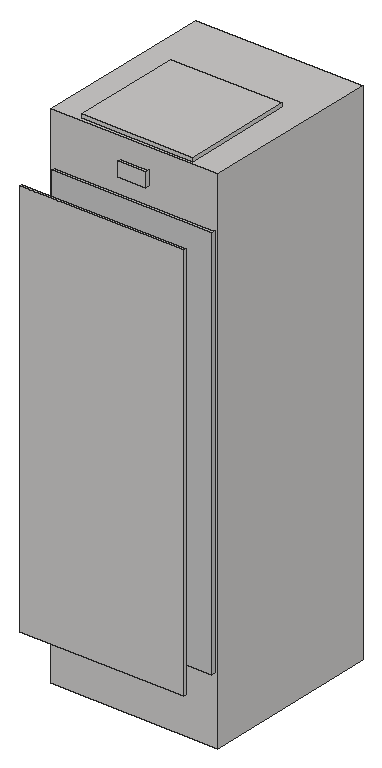
Revit family "Fan_Coil-With_Valve-Whalen-Vertical_Stacked-Classic-4P-No_Risers", category Mechanical Equipment, Revit 2012
Parameters (values of type "1,200 CFM")
  zz YesNo 9 [instance] = zz Integer 1 = 1  # yes
  zz YesNo 8 [instance] = zz Integer 3 = 1  # yes
  zz YesNo 7 [instance] = not(and(zz Integer 7 = 1200, Chassis is Removable Standard))  # yes
  zz YesNo 6 [instance] = not(and(zz YesNo 5, zz YesNo 4, zz YesNo 8, zz YesNo 1, zz YesNo 3, zz YesNo 2, zz YesNo 9))  # no
  zz YesNo 5 [instance] = not(and(Has Rear Return Air Opening, or(Chassis is Removable Standard, Chassis is Removable Low Profile)))  # yes
  zz YesNo 4 [instance] = zz Integer 2 = 1  # yes
  zz YesNo 3 [instance] = not(and(Risers are on Rear, Has Rear Return Air Opening))  # yes
  zz YesNo 2 [instance] = not(and(Has Condensate Pump, Has Rear Return Air Opening))  # yes
  zz YesNo 1 [instance] = zz Integer 5 = 1  # yes
  zz Length 8 [instance] = if(Has Condensate Pump, 6.000", if(Has Rear Return Air Opening, 14.000", if(or(zz Integer 7 = 300, zz Integer 7 = 400, zz Integer 7 = 600, zz Integer 7 = 800), 8.000", if(or(zz Integer 7 = 1000, zz Integer 7 = 1200), 10.000", 0.000"))))  # 10.000"
  zz Length 7 [instance] = if(Chassis is Fixed, if(zz Integer 7 = 1200, 56.000", if(zz Integer 7 = 1000, 48.000", if(zz Integer 7 = 800, 48.000", if(zz Integer 7 = 600, 44.000", if(zz Integer 7 = 400, 40.000", if(zz Integer 7 = 300, 36.000", 0.000")))))), if(Chassis is Removable Standard, if(zz Integer 7 = 1200, 60.000", if(zz Integer 7 = 1000, 56.000", if(zz Integer 7 = 800, 60.000", if(zz Integer 7 = 600, 56.000", if(zz Integer 7 = 400, 56.000", if(zz Integer 7 = 300, 48.000", 0.000")))))), if(zz Integer 7 = 1200, 56.000", if(zz Integer 7 = 1000, 48.000", if(zz Integer 7 = 800, 48.000", if(zz Integer 7 = 600, 44.000", if(zz Integer 7 = 400, 44.000", if(zz Integer 7 = 300, 36.000", 0.000"))))))))  # 56.000"
  zz Length 6 [instance] = if(Chassis is Fixed, if(zz Integer 7 = 1200, 59.000", if(zz Integer 7 = 1000, 51.000", if(zz Integer 7 = 800, 49.000", if(zz Integer 7 = 600, 45.000", if(zz Integer 7 = 400, 42.000", if(zz Integer 7 = 300, 38.000", 0.000")))))), if(Chassis is Removable Standard, if(zz Integer 7 = 1200, 59.000", if(zz Integer 7 = 1000, 59.000", if(zz Integer 7 = 800, 66.750", if(zz Integer 7 = 600, 62.750", if(zz Integer 7 = 400, 62.750", if(zz Integer 7 = 300, 54.750", 0.000")))))), if(zz Integer 7 = 1200, 59.000", if(zz Integer 7 = 1000, 51.000", if(zz Integer 7 = 800, 54.500", if(zz Integer 7 = 600, 50.500", if(zz Integer 7 = 400, 50.500", if(zz Integer 7 = 300, 42.500", 0.000"))))))))  # 59.000"
  zz Length 5 [instance] = if(Chassis is Fixed, if(or(zz Integer 7 = 1200, zz Integer 7 = 1000), 20.000", 14.000"), if(zz Integer 7 < 600, 14.000", if(zz Integer 7 < 1000, 16.000", 22.000")))  # 22.000"
  zz Length 4 [instance] = 101.000"
  zz Length 3 [instance] = if(Chassis is Fixed, if(zz Integer 7 = 1200, 70.000", if(zz Integer 7 = 1000, 62.000", if(zz Integer 7 = 800, 60.000", if(zz Integer 7 = 600, 56.000", if(zz Integer 7 = 400, 52.000", if(zz Integer 7 = 300, 48.000", 0.000")))))), if(Chassis is Removable Standard, if(zz Integer 7 = 1200, 70.000", if(zz Integer 7 = 1000, 70.000", if(zz Integer 7 = 800, 70.000", if(zz Integer 7 = 600, 68.000", if(zz Integer 7 = 400, 68.000", if(zz Integer 7 = 300, 60.000", 0.000")))))), if(zz Integer 7 = 1200, 70.000", if(zz Integer 7 = 1000, 62.000", if(zz Integer 7 = 800, 60.000", if(zz Integer 7 = 600, 56.000", if(zz Integer 7 = 400, 56.000", if(zz Integer 7 = 300, 48.000", 0.000"))))))))  # 70.000"
  zz Length 2 [instance] = if(zz Length 1 < 0.250", 0.250", if(zz Length 1 > 6.000", 6.000", zz Length 1))  # 4.35924"
  zz Length 1 [instance] = 4.35924"
  zz Integer 7 = 1200
  zz Integer 6 [instance] = zz Length 4 / 1.000"  # 101
  zz Integer 5 [instance] = if(Voltage is 115 V, 1, 0) + if(Voltage is 208 V, 1, 0) + if(Voltage is 265 V, 1, 0)  # 1
  zz Integer 4 [instance] = if(Risers are on Left, 1, if(Risers are on Rear, 2, if(Risers are on Right, 3, 2)))  # 2
  zz Integer 3 [instance] = if(Motor is Standard Static PSC, 1, 0) + if(Motor is High Static PSC, 1, 0) + if(Motor is Constant Torque ECM VAC Control, 1, 0) + if(Motor is Constant Torque ECM Line Voltage Control, 1, 0) + if(Motor is Constant Airflow ECM VAC Control, 1, 0)  # 1
  zz Integer 2 [instance] = if(Risers are on Left, 1, 0) + if(Risers are on Rear, 1, 0) + if(Risers are on Right, 1, 0)  # 1
  zz Integer 1 [instance] = if(Chassis is Removable Standard, 1, 0) + if(Chassis is Removable Low Profile, 1, 0) + if(Chassis is Fixed, 1, 0)  # 1
  zz HVACAirflow 4 [instance] = if(Chassis is Fixed, if(zz Integer 7 = 300, 2.000 GPM, if(zz Integer 7 = 400, 2.000 GPM, if(zz Integer 7 = 600, 2.000 GPM, if(zz Integer 7 = 800, 2.000 GPM, if(zz Integer 7 = 1000, 3.000 GPM, if(zz Integer 7 = 1200, 3.000 GPM, 0.000 GPM)))))), if(Chassis is Removable Standard, if(zz Integer 7 = 300, 2.000 GPM, if(zz Integer 7 = 400, 2.000 GPM, if(zz Integer 7 = 600, 2.000 GPM, if(zz Integer 7 = 800, 2.000 GPM, 0.000 GPM)))), 0.000 GPM))  # 0.000 GPM
  zz HVACAirflow 3 [instance] = if(and(Chassis is Fixed, Coil is 3 Row), if(zz Integer 7 = 300, 3.000 GPM, if(zz Integer 7 = 400, 3.500 GPM, if(zz Integer 7 = 600, 4.000 GPM, if(zz Integer 7 = 800, 5.000 GPM, if(zz Integer 7 = 1000, 8.000 GPM, if(zz Integer 7 = 1200, 10.000 GPM, 0.000 GPM)))))), if(and(Chassis is Fixed, Coil is 4 Row), if(zz Integer 7 = 300, 3.000 GPM, if(zz Integer 7 = 400, 4.000 GPM, if(zz Integer 7 = 600, 5.000 GPM, if(zz Integer 7 = 800, 6.000 GPM, if(zz Integer 7 = 1000, 9.000 GPM, if(zz Integer 7 = 1200, 11.000 GPM, 0.000 GPM)))))), if(and(Chassis is Removable Standard, Coil is 3 Row), if(zz Integer 7 = 300, 3.000 GPM, if(zz Integer 7 = 400, 3.500 GPM, if(zz Integer 7 = 600, 4.500 GPM, if(zz Integer 7 = 800, 5.500 GPM, 0.000 GPM)))), if(and(Chassis is Removable Standard, Coil is 4 Row), if(zz Integer 7 = 300, 3.000 GPM, if(zz Integer 7 = 400, 4.000 GPM, if(zz Integer 7 = 600, 5.000 GPM, if(zz Integer 7 = 800, 6.500 GPM, 0.000 GPM)))), 0.000 GPM))))  # 0.000 GPM
  zz HVACAirflow 2 [instance] = if(and(Chassis is Fixed, Coil is 3 Row), if(zz Integer 7 = 300, 1.000 GPM, if(zz Integer 7 = 400, 1.000 GPM, if(zz Integer 7 = 600, 1.000 GPM, if(zz Integer 7 = 800, 2.000 GPM, if(zz Integer 7 = 1000, 3.000 GPM, if(zz Integer 7 = 1200, 3.000 GPM, 0.000 GPM)))))), if(and(Chassis is Fixed, Coil is 4 Row), if(zz Integer 7 = 300, 1.000 GPM, if(zz Integer 7 = 400, 1.000 GPM, if(zz Integer 7 = 600, 1.500 GPM, if(zz Integer 7 = 800, 2.000 GPM, if(zz Integer 7 = 1000, 3.000 GPM, if(zz Integer 7 = 1200, 3.000 GPM, 0.000 GPM)))))), if(and(Chassis is Removable Standard, Coil is 3 Row), if(zz Integer 7 = 300, 1.000 GPM, if(zz Integer 7 = 400, 1.000 GPM, if(zz Integer 7 = 600, 1.000 GPM, if(zz Integer 7 = 800, 2.000 GPM, 0.000 GPM)))), if(and(Chassis is Removable Standard, Coil is 4 Row), if(zz Integer 7 = 300, 1.000 GPM, if(zz Integer 7 = 400, 1.000 GPM, if(zz Integer 7 = 600, 1.500 GPM, if(zz Integer 7 = 800, 2.000 GPM, 0.000 GPM)))), 0.000 GPM))))  # 0.000 GPM
  zz HVACAirflow 1 [instance] = if(Chassis is Fixed, if(zz Integer 7 = 300, 0.750 GPM, if(zz Integer 7 = 400, 0.750 GPM, if(zz Integer 7 = 600, 0.750 GPM, if(zz Integer 7 = 800, 0.750 GPM, if(zz Integer 7 = 1000, 1.000 GPM, if(zz Integer 7 = 1200, 1.000 GPM, 0.000 GPM)))))), if(Chassis is Removable Standard, if(zz Integer 7 = 300, 0.650 GPM, if(zz Integer 7 = 400, 0.750 GPM, if(zz Integer 7 = 600, 0.750 GPM, if(zz Integer 7 = 800, 0.750 GPM, 0.000 GPM)))), 0.000 GPM))  # 0.000 GPM
  zz ElectricalWattage 4 [instance] = if(and(zz Integer 7 = 300, Voltage is 115 V), 3000 VA, if(and(zz Integer 7 = 300, Voltage is 208 V), 3000 VA, if(and(zz Integer 7 = 300, Voltage is 265 V), 3000 VA, if(and(zz Integer 7 = 400, Voltage is 115 V), 4000 VA, if(and(zz Integer 7 = 400, Voltage is 208 V), 4000 VA, if(and(zz Integer 7 = 400, Voltage is 265 V), 4000 VA, if(and(zz Integer 7 = 600, Voltage is 115 V), 4000 VA, if(and(zz Integer 7 = 600, Voltage is 208 V), 6000 VA, if(and(zz Integer 7 = 600, Voltage is 265 V), 6000 VA, if(and(zz Integer 7 = 800, Voltage is 115 V), 4000 VA, if(and(zz Integer 7 = 800, Voltage is 208 V), 6000 VA, if(and(zz Integer 7 = 800, Voltage is 265 V), 8000 VA, if(and(zz Integer 7 = 1000, Voltage is 115 V), 4000 VA, if(and(zz Integer 7 = 1000, Voltage is 208 V), 6000 VA, if(and(zz Integer 7 = 1000, Voltage is 265 V), 9000 VA, if(and(zz Integer 7 = 1200, Voltage is 115 V), 3000 VA, if(and(zz Integer 7 = 1200, Voltage is 208 V), 6000 VA, if(and(zz Integer 7 = 1200, Voltage is 265 V), 9000 VA, 0 VA))))))))))))))))))  # 3000 W
  zz ElectricalWattage 3 [instance] = if(and(zz Integer 7 = 300, Voltage is 115 V), 3000 VA, if(and(zz Integer 7 = 300, Voltage is 208 V), 3000 VA, if(and(zz Integer 7 = 300, Voltage is 265 V), 3000 VA, if(and(zz Integer 7 = 400, Voltage is 115 V), 4000 VA, if(and(zz Integer 7 = 400, Voltage is 208 V), 4000 VA, if(and(zz Integer 7 = 400, Voltage is 265 V), 4000 VA, if(and(zz Integer 7 = 600, Voltage is 115 V), 4000 VA, if(and(zz Integer 7 = 600, Voltage is 208 V), 6000 VA, if(and(zz Integer 7 = 600, Voltage is 265 V), 6000 VA, if(and(zz Integer 7 = 800, Voltage is 115 V), 3000 VA, if(and(zz Integer 7 = 800, Voltage is 208 V), 6000 VA, if(and(zz Integer 7 = 800, Voltage is 265 V), 8000 VA, if(and(zz Integer 7 = 1000, Voltage is 115 V), 3000 VA, if(and(zz Integer 7 = 1000, Voltage is 208 V), 6000 VA, if(and(zz Integer 7 = 1000, Voltage is 265 V), 9000 VA, if(and(zz Integer 7 = 1200, Voltage is 115 V), 0 VA, if(and(zz Integer 7 = 1200, Voltage is 208 V), 6000 VA, if(and(zz Integer 7 = 1200, Voltage is 265 V), 0 VA, 0 VA))))))))))))))))))  # 0 W
  zz ElectricalWattage 2 [instance] = if(and(zz Integer 7 = 300, Voltage is 115 V), 3000 VA, if(and(zz Integer 7 = 300, Voltage is 208 V), 3000 VA, if(and(zz Integer 7 = 300, Voltage is 265 V), 3000 VA, if(and(zz Integer 7 = 400, Voltage is 115 V), 3000 VA, if(and(zz Integer 7 = 400, Voltage is 208 V), 4000 VA, if(and(zz Integer 7 = 400, Voltage is 265 V), 4000 VA, if(and(zz Integer 7 = 600, Voltage is 115 V), 3000 VA, if(and(zz Integer 7 = 600, Voltage is 208 V), 6000 VA, if(and(zz Integer 7 = 600, Voltage is 265 V), 6000 VA, if(and(zz Integer 7 = 800, Voltage is 115 V), 3000 VA, if(and(zz Integer 7 = 800, Voltage is 208 V), 6000 VA, if(and(zz Integer 7 = 800, Voltage is 265 V), 8000 VA, if(and(zz Integer 7 = 1000, Voltage is 115 V), 3000 VA, if(and(zz Integer 7 = 1000, Voltage is 208 V), 6000 VA, if(and(zz Integer 7 = 1000, Voltage is 265 V), 9000 VA, if(and(zz Integer 7 = 1200, Voltage is 115 V), 3000 VA, if(and(zz Integer 7 = 1200, Voltage is 208 V), 6000 VA, if(and(zz Integer 7 = 1200, Voltage is 265 V), 9000 VA, 0 VA))))))))))))))))))  # 3000 W
  zz ElectricalWattage 1 [instance] = if(and(zz Integer 7 = 300, Voltage is 115 V), 3000 VA, if(and(zz Integer 7 = 300, Voltage is 208 V), 3000 VA, if(and(zz Integer 7 = 300, Voltage is 265 V), 3000 VA, if(and(zz Integer 7 = 400, Voltage is 115 V), 3000 VA, if(and(zz Integer 7 = 400, Voltage is 208 V), 4000 VA, if(and(zz Integer 7 = 400, Voltage is 265 V), 4000 VA, if(and(zz Integer 7 = 600, Voltage is 115 V), 3000 VA, if(and(zz Integer 7 = 600, Voltage is 208 V), 6000 VA, if(and(zz Integer 7 = 600, Voltage is 265 V), 6000 VA, if(and(zz Integer 7 = 800, Voltage is 115 V), 3000 VA, if(and(zz Integer 7 = 800, Voltage is 208 V), 6000 VA, if(and(zz Integer 7 = 800, Voltage is 265 V), 8000 VA, if(and(zz Integer 7 = 1000, Voltage is 115 V), 3000 VA, if(and(zz Integer 7 = 1000, Voltage is 208 V), 6000 VA, if(and(zz Integer 7 = 1000, Voltage is 265 V), 9000 VA, if(and(zz Integer 7 = 1200, Voltage is 115 V), 3000 VA, if(and(zz Integer 7 = 1200, Voltage is 208 V), 6000 VA, if(and(zz Integer 7 = 1200, Voltage is 265 V), 9000 VA, 0 VA))))))))))))))))))  # 3000 W
  zz ElectricalCurrent 8 [instance] = if(and(zz Integer 7 = 300, Voltage is 115 V), 1 A, if(and(zz Integer 7 = 300, Voltage is 208 V), 0.6 A, if(and(zz Integer 7 = 300, Voltage is 265 V), 0.6 A, if(and(zz Integer 7 = 400, Voltage is 115 V), 1.2 A, if(and(zz Integer 7 = 400, Voltage is 208 V), 0.6 A, if(and(zz Integer 7 = 400, Voltage is 265 V), 0.7 A, if(and(zz Integer 7 = 600, Voltage is 115 V), 1.7 A, if(and(zz Integer 7 = 600, Voltage is 208 V), 0.9 A, if(and(zz Integer 7 = 600, Voltage is 265 V), 0.8 A, if(and(zz Integer 7 = 800, Voltage is 115 V), 2.3 A, if(and(zz Integer 7 = 800, Voltage is 208 V), 1.5 A, if(and(zz Integer 7 = 800, Voltage is 265 V), 0.9 A, if(and(zz Integer 7 = 1000, Voltage is 115 V), 3.6 A, if(and(zz Integer 7 = 1000, Voltage is 208 V), 1.5 A, if(and(zz Integer 7 = 1000, Voltage is 265 V), 1.2 A, if(and(zz Integer 7 = 1200, Voltage is 115 V), 4.9 A, if(and(zz Integer 7 = 1200, Voltage is 208 V), 2.7 A, if(and(zz Integer 7 = 1200, Voltage is 265 V), 2.1 A, 0 A))))))))))))))))))  # 4.9 A
  zz ElectricalCurrent 7 [instance] = if(and(zz Integer 7 = 300, Voltage is 115 V), 40.6 A, if(and(zz Integer 7 = 300, Voltage is 208 V), 23.8 A, if(and(zz Integer 7 = 300, Voltage is 265 V), 18.2 A, if(and(zz Integer 7 = 400, Voltage is 115 V), 40.6 A, if(and(zz Integer 7 = 400, Voltage is 208 V), 29.8 A, if(and(zz Integer 7 = 400, Voltage is 265 V), 22.9 A, if(and(zz Integer 7 = 600, Voltage is 115 V), 40.6 A, if(and(zz Integer 7 = 600, Voltage is 208 V), 41.8 A, if(and(zz Integer 7 = 600, Voltage is 265 V), 32.3 A, if(and(zz Integer 7 = 800, Voltage is 115 V), 40.6 A, if(and(zz Integer 7 = 800, Voltage is 208 V), 41.8 A, if(and(zz Integer 7 = 800, Voltage is 265 V), 41.7 A, if(and(zz Integer 7 = 1000, Voltage is 115 V), 40.6 A, if(and(zz Integer 7 = 1000, Voltage is 208 V), 41.8 A, if(and(zz Integer 7 = 1000, Voltage is 265 V), 46.5 A, if(and(zz Integer 7 = 1200, Voltage is 115 V), 40.6 A, if(and(zz Integer 7 = 1200, Voltage is 208 V), 41.8 A, if(and(zz Integer 7 = 1200, Voltage is 265 V), 46.5 A, 0 A))))))))))))))))))  # 40.6 A
  zz ElectricalCurrent 6 [instance] = if(and(zz Integer 7 = 300, Voltage is 115 V), 34.1 A, if(and(zz Integer 7 = 300, Voltage is 208 V), 18.8 A, if(and(zz Integer 7 = 300, Voltage is 265 V), 15 A, if(and(zz Integer 7 = 400, Voltage is 115 V), 45.6 A, if(and(zz Integer 7 = 400, Voltage is 208 V), 25.2 A, if(and(zz Integer 7 = 400, Voltage is 265 V), 19.9 A, if(and(zz Integer 7 = 600, Voltage is 115 V), 46.4 A, if(and(zz Integer 7 = 600, Voltage is 208 V), 37.9 A, if(and(zz Integer 7 = 600, Voltage is 265 V), 29.4 A, if(and(zz Integer 7 = 800, Voltage is 115 V), 37.1 A, if(and(zz Integer 7 = 800, Voltage is 208 V), 37.9 A, if(and(zz Integer 7 = 800, Voltage is 265 V), 39.2 A, if(and(zz Integer 7 = 1000, Voltage is 115 V), 38.7 A, if(and(zz Integer 7 = 1000, Voltage is 208 V), 39.4 A, if(and(zz Integer 7 = 1000, Voltage is 265 V), 45.1 A, if(and(zz Integer 7 = 1200, Voltage is 115 V), 0 A, if(and(zz Integer 7 = 1200, Voltage is 208 V), 39.4 A, if(and(zz Integer 7 = 1200, Voltage is 265 V), 0 A, 0 A))))))))))))))))))  # 0 A
  zz ElectricalCurrent 5 [instance] = if(and(zz Integer 7 = 300, Voltage is 115 V), 33.9 A, if(and(zz Integer 7 = 300, Voltage is 208 V), 18.8 A, if(and(zz Integer 7 = 300, Voltage is 265 V), 14.9 A, if(and(zz Integer 7 = 400, Voltage is 115 V), 45 A, if(and(zz Integer 7 = 400, Voltage is 208 V), 24.8 A, if(and(zz Integer 7 = 400, Voltage is 265 V), 19.7 A, if(and(zz Integer 7 = 600, Voltage is 115 V), 45.6 A, if(and(zz Integer 7 = 600, Voltage is 208 V), 37.2 A, if(and(zz Integer 7 = 600, Voltage is 265 V), 29.3 A, if(and(zz Integer 7 = 800, Voltage is 115 V), 46.4 A, if(and(zz Integer 7 = 800, Voltage is 208 V), 37.9 A, if(and(zz Integer 7 = 800, Voltage is 265 V), 38.9 A, if(and(zz Integer 7 = 1000, Voltage is 115 V), 48 A, if(and(zz Integer 7 = 1000, Voltage is 208 V), 37.9 A, if(and(zz Integer 7 = 1000, Voltage is 265 V), 44 A, if(and(zz Integer 7 = 1200, Voltage is 115 V), 38.7 A, if(and(zz Integer 7 = 1200, Voltage is 208 V), 39.4 A, if(and(zz Integer 7 = 1200, Voltage is 265 V), 45.1 A, 0 A))))))))))))))))))  # 38.7 A
  zz ElectricalCurrent 4 [instance] = if(and(zz Integer 7 = 300, Voltage is 115 V), 6.4 A, if(and(zz Integer 7 = 300, Voltage is 208 V), 4.6 A, if(and(zz Integer 7 = 300, Voltage is 265 V), 3.2 A, if(and(zz Integer 7 = 400, Voltage is 115 V), 6.4 A, if(and(zz Integer 7 = 400, Voltage is 208 V), 4.6 A, if(and(zz Integer 7 = 400, Voltage is 265 V), 3.2 A, if(and(zz Integer 7 = 600, Voltage is 115 V), 6.4 A, if(and(zz Integer 7 = 600, Voltage is 208 V), 4.6 A, if(and(zz Integer 7 = 600, Voltage is 265 V), 3.2 A, if(and(zz Integer 7 = 800, Voltage is 115 V), 6.4 A, if(and(zz Integer 7 = 800, Voltage is 208 V), 4.6 A, if(and(zz Integer 7 = 800, Voltage is 265 V), 3.2 A, if(and(zz Integer 7 = 1000, Voltage is 115 V), 6.4 A, if(and(zz Integer 7 = 1000, Voltage is 208 V), 4.6 A, if(and(zz Integer 7 = 1000, Voltage is 265 V), 3.2 A, if(and(zz Integer 7 = 1200, Voltage is 115 V), 6.4 A, if(and(zz Integer 7 = 1200, Voltage is 208 V), 4.6 A, if(and(zz Integer 7 = 1200, Voltage is 265 V), 3.2 A, 0 A))))))))))))))))))  # 6.4 A
  zz ElectricalCurrent 3 [instance] = if(and(zz Integer 7 = 300, Voltage is 115 V), 1.2 A, if(and(zz Integer 7 = 300, Voltage is 208 V), 0.6 A, if(and(zz Integer 7 = 300, Voltage is 265 V), 0.7 A, if(and(zz Integer 7 = 400, Voltage is 115 V), 1.7 A, if(and(zz Integer 7 = 400, Voltage is 208 V), 0.9 A, if(and(zz Integer 7 = 400, Voltage is 265 V), 0.8 A, if(and(zz Integer 7 = 600, Voltage is 115 V), 2.3 A, if(and(zz Integer 7 = 600, Voltage is 208 V), 1.5 A, if(and(zz Integer 7 = 600, Voltage is 265 V), 0.9 A, if(and(zz Integer 7 = 800, Voltage is 115 V), 3.6 A, if(and(zz Integer 7 = 800, Voltage is 208 V), 1.5 A, if(and(zz Integer 7 = 800, Voltage is 265 V), 1.2 A, if(and(zz Integer 7 = 1000, Voltage is 115 V), 4.9 A, if(and(zz Integer 7 = 1000, Voltage is 208 V), 2.7 A, if(and(zz Integer 7 = 1000, Voltage is 265 V), 2.1 A, if(and(zz Integer 7 = 1200, Voltage is 115 V), 0 A, if(and(zz Integer 7 = 1200, Voltage is 208 V), 2.7 A, if(and(zz Integer 7 = 1200, Voltage is 265 V), 0 A, 0 A))))))))))))))))))  # 0 A
  zz ElectricalCurrent 2 [instance] = if(and(zz Integer 7 = 300, Voltage is 115 V), 37.9 A, if(and(zz Integer 7 = 300, Voltage is 208 V), 21.4 A, if(and(zz Integer 7 = 300, Voltage is 265 V), 18.2 A, if(and(zz Integer 7 = 400, Voltage is 115 V), 37.9 A, if(and(zz Integer 7 = 400, Voltage is 208 V), 27.4 A, if(and(zz Integer 7 = 400, Voltage is 265 V), 22.9 A, if(and(zz Integer 7 = 600, Voltage is 115 V), 37.9 A, if(and(zz Integer 7 = 600, Voltage is 208 V), 39.4 A, if(and(zz Integer 7 = 600, Voltage is 265 V), 32.3 A, if(and(zz Integer 7 = 800, Voltage is 115 V), 40.4 A, if(and(zz Integer 7 = 800, Voltage is 208 V), 40.9 A, if(and(zz Integer 7 = 800, Voltage is 265 V), 41.7 A, if(and(zz Integer 7 = 1000, Voltage is 115 V), 40.4 A, if(and(zz Integer 7 = 1000, Voltage is 208 V), 40.9 A, if(and(zz Integer 7 = 1000, Voltage is 265 V), 46.5 A, if(and(zz Integer 7 = 1200, Voltage is 115 V), 40.4 A, if(and(zz Integer 7 = 1200, Voltage is 208 V), 40.9 A, if(and(zz Integer 7 = 1200, Voltage is 265 V), 46.5 A, 0 A))))))))))))))))))  # 40.4 A
  zz ElectricalCurrent 1 [instance] = if(and(zz Integer 7 = 300, Voltage is 115 V), 4.2 A, if(and(zz Integer 7 = 300, Voltage is 208 V), 2.7 A, if(and(zz Integer 7 = 300, Voltage is 265 V), 3.2 A, if(and(zz Integer 7 = 400, Voltage is 115 V), 4.2 A, if(and(zz Integer 7 = 400, Voltage is 208 V), 2.7 A, if(and(zz Integer 7 = 400, Voltage is 265 V), 3.2 A, if(and(zz Integer 7 = 600, Voltage is 115 V), 4.2 A, if(and(zz Integer 7 = 600, Voltage is 208 V), 2.7 A, if(and(zz Integer 7 = 600, Voltage is 265 V), 3.2 A, if(and(zz Integer 7 = 800, Voltage is 115 V), 6.2 A, if(and(zz Integer 7 = 800, Voltage is 208 V), 3.9 A, if(and(zz Integer 7 = 800, Voltage is 265 V), 3.2 A, if(and(zz Integer 7 = 1000, Voltage is 115 V), 6.2 A, if(and(zz Integer 7 = 1000, Voltage is 208 V), 3.9 A, if(and(zz Integer 7 = 1000, Voltage is 265 V), 3.2 A, if(and(zz Integer 7 = 1200, Voltage is 115 V), 6.2 A, if(and(zz Integer 7 = 1200, Voltage is 208 V), 3.9 A, if(and(zz Integer 7 = 1200, Voltage is 265 V), 3.2 A, 0 A))))))))))))))))))  # 6.2 A
  Width [instance] = if(or(zz Integer 7 = 1200, zz Integer 7 = 1000), 24.000", if(or(zz Integer 7 = 800, zz Integer 7 = 600), 18.000", 16.000"))  # 24.000"
  Voltage is 265 V [instance] = no
  Voltage is 208 V [instance] = no
  Voltage is 115 V [instance] = yes
  Voltage Selection [instance] = "Voltage is 115 V"
  Voltage [instance] = if(and(Voltage is 115 V, zz Integer 5 = 1), 115 V, if(and(Voltage is 208 V, zz Integer 5 = 1), 208 V, if(and(Voltage is 265 V, zz Integer 5 = 1), 265 V, 0 V)))  # 115 V
  Unit is Master [instance] = no
  Risers are on Right [instance] = no
  Risers are on Rear [instance] = yes
  Risers are on Left [instance] = no
  Risers are Insulated [instance] = no
  Riser Location [instance] = if(zz Integer 2 < 1, "Error: Select a Riser Location Option", if(zz Integer 2 > 1, "Error: Select Only 1 Riser Location Option", if(Risers are on Right, "Risers are on Right", if(Risers are on Rear, "Risers are on Rear", if(Risers are on Left, "Risers are on Left", "none")))))  # "Risers are on Rear"
  Part Number [instance] = if(Chassis is Fixed, if(Coil is 3 Row, if(zz Integer 7 = 300, "WFC-300", if(zz Integer 7 = 400, "WFC-400", if(zz Integer 7 = 600, "WFC-600", if(zz Integer 7 = 800, "WFC-800", if(zz Integer 7 = 1000, "WFC-1000", if(zz Integer 7 = 1200, "WFC-1200", "Not Available")))))), if(Coil is 4 Row, if(zz Integer 7 = 300, "WFD-300", if(zz Integer 7 = 400, "WFD-400", if(zz Integer 7 = 600, "WFD-600", if(zz Integer 7 = 800, "WFD-800", if(zz Integer 7 = 1000, "WFD-1000", if(zz Integer 7 = 1200, "WFD-1200", "Not Available")))))), "Not Available")), if(or(Chassis is Removable Standard, Chassis is Removable Low Profile), if(Coil is 3 Row, if(zz Integer 7 = 300, "WRC-300", if(zz Integer 7 = 400, "WRC-400", if(zz Integer 7 = 600, "WRC-600", if(zz Integer 7 = 800, "WRC-800", if(zz Integer 7 = 1000, "WRC-1000", if(zz Integer 7 = 1200, "WRC-1200", "Not Available")))))), if(Coil is 4 Row, if(zz Integer 7 = 300, "WRD-300", if(zz Integer 7 = 400, "WRD-400", if(zz Integer 7 = 600, "WRD-600", if(zz Integer 7 = 800, "WRD-800", if(zz Integer 7 = 1000, "WRD-1000", if(zz Integer 7 = 1200, "WRD-1200", "Not Available")))))), "Not Available")), "Not Available"))  # "WRC-1200"
  Motor is Standard Static PSC [instance] = yes
  Product Documentation Link = "http://www.whalencompany.com/vertical_stack_fan_coil_equipment.html"
  Part Description [instance] = if(Chassis is Fixed, if(zz Integer 7 = 300, "Vertical Fan-Coil Units, 4 Pipe with Fixed Chassis, 300 CFM", if(zz Integer 7 = 400, "Vertical Fan-Coil Units, 4 Pipe with Fixed Chassis, 400 CFM", if(zz Integer 7 = 600, "Vertical Fan-Coil Units, 4 Pipe with Fixed Chassis, 600 CFM", if(zz Integer 7 = 800, "Vertical Fan-Coil Units, 4 Pipe with Fixed Chassis, 800 CFM", if(zz Integer 7 = 1000, "Vertical Fan-Coil Units, 4 Pipe with Fixed Chassis, 1000 CFM", if(zz Integer 7 = 1200, "Vertical Fan-Coil Units, 4 Pipe with Fixed Chassis, 1200 CFM", "Not Available")))))), if(or(Chassis is Removable Standard, Chassis is Removable Low Profile), if(zz Integer 7 = 300, "Vertical Fan-Coil Units, 4 Pipe with Removable Chassis, 300 CFM", if(zz Integer 7 = 400, "Vertical Fan-Coil Units, 4 Pipe with Removable Chassis, 400 CFM", if(zz Integer 7 = 600, "Vertical Fan-Coil Units, 4 Pipe with Removable Chassis, 600 CFM", if(zz Integer 7 = 800, "Vertical Fan-Coil Units, 4 Pipe with Removable Chassis, 800 CFM", if(zz Integer 7 = 1000, "Vertical Fan-Coil Units, 4 Pipe with Removable Chassis, 1000 CFM", if(zz Integer 7 = 1200, "Vertical Fan-Coil Units, 4 Pipe with Removable Chassis, 1200 CFM", "Not Available")))))), "Not Available"))  # "Vertical Fan-Coil Units, 4 Pipe with Removable Chassis, 1200 CFM"
  Original Creation Date = "5/17/2013"  # constant formula
  Motor Selection [instance] = if(zz Integer 3 < 1, "ERROR: Select a Motor Option", if(zz Integer 3 > 1, "ERROR: Select Only 1 Motor Option", if(Motor is Standard Static PSC, "Motor is Standard Static PSC", if(Motor is High Static PSC, "Motor is High Static PSC", if(Motor is Constant Torque ECM VAC Control, "Motor is Constant Torque ECM VAC Control", if(Motor is Constant Torque ECM Line Voltage Control, "Motor is Constant Torque ECM Line Voltage Control", if(Motor is Constant Airflow ECM VAC Control, "Motor is Constant Airflow ECM VAC Control", "none")))))))  # "Motor is Standard Static PSC"
  Model Disclaimer = "Contact The Whalen Company for More Information"  # constant formula
  Motor is High Static PSC [instance] = no
  Model = "See Part Number"  # constant formula
  Maximum Heater Size [instance] = if(Motor is Constant Torque ECM VAC Control, zz ElectricalWattage 2, if(Motor is Constant Airflow ECM VAC Control, zz ElectricalWattage 1, if(Motor is High Static PSC, zz ElectricalWattage 3, if(Motor is Standard Static PSC, zz ElectricalWattage 4, 0 VA))))  # 3000 W
  MCA [instance] = if(Motor is Constant Torque ECM VAC Control, zz ElectricalCurrent 7, if(Motor is Constant Airflow ECM VAC Control, zz ElectricalCurrent 2, if(Motor is High Static PSC, zz ElectricalCurrent 6, if(Motor is Standard Static PSC, zz ElectricalCurrent 5, 0 A))))  # 38.7 A
  Load Classification = Other
  Height [instance] = if(and(or(zz Integer 7 = 300, zz Integer 7 = 400, zz Integer 7 = 600, zz Integer 7 = 800), zz Length 4 < 82.000"), 82.000", if(and(or(zz Integer 7 = 300, zz Integer 7 = 400, zz Integer 7 = 600, zz Integer 7 = 800), zz Length 4 > 88.000"), 88.000", if(and(or(zz Integer 7 = 1200, zz Integer 7 = 1000), zz Length 4 < 68.000"), 68.000", if(and(or(zz Integer 7 = 1200, zz Integer 7 = 1000), zz Length 4 > 74.000"), 74.000", zz Integer 6 * 1.000"))))  # 74.000"
  Heating Pressure Drop [instance] = if(Chassis is Fixed, if(zz Integer 7 = 300, 3.70 in-wg, if(zz Integer 7 = 400, 7.10 in-wg, if(zz Integer 7 = 600, 10.10 in-wg, if(zz Integer 7 = 800, 17.00 in-wg, if(zz Integer 7 = 1000, 11.80 in-wg, if(zz Integer 7 = 1200, 15.00 in-wg, 0.00 in-wg)))))), if(Chassis is Removable Standard, if(zz Integer 7 = 300, 13.00 in-wg, if(zz Integer 7 = 400, 25.40 in-wg, if(zz Integer 7 = 600, 6.20 in-wg, if(zz Integer 7 = 800, 16.20 in-wg, 0.00 in-wg)))), 0.00 in-wg))  # 0.00 psi
  Heating GPM Desired [instance] = 0.000 GPM
  Heating GPM Actual [instance] = if(Heating GPM Desired < zz HVACAirflow 1, zz HVACAirflow 1, if(Heating GPM Desired > zz HVACAirflow 4, zz HVACAirflow 4, Heating GPM Desired))  # 0.000 GPM
  Has Condensate Pump [instance] = no
  Has Rear Return Air Opening [instance] = no
  Family Version = "1.0.0"  # constant formula
  FLA [instance] = if(Motor is Constant Torque ECM VAC Control, zz ElectricalCurrent 4, if(Motor is Constant Airflow ECM VAC Control, zz ElectricalCurrent 1, if(Motor is High Static PSC, zz ElectricalCurrent 3, if(Motor is Standard Static PSC, zz ElectricalCurrent 8, 0 A))))  # 4.9 A
  Equipment Number [instance] = ""
  Equipment Abbreviation = "RFC"
  Description = "See Part Description"  # constant formula
  Depth [instance] = if(Chassis is Fixed, if(or(zz Integer 7 = 1200, zz Integer 7 = 1000), 24.000", 18.000"), if(zz Integer 7 < 600, 18.000", if(zz Integer 7 < 1000, 20.000", 26.000")))  # 26.000"
  Date Last Modified = "2/12/2014"  # constant formula
  Copyright = "Copyright © The Whalen Company"  # constant formula
  Motor is Constant Torque ECM VAC Control [instance] = no
  Motor is Constant Torque ECM Line Voltage Control [instance] = no
  Motor is Constant Airflow ECM VAC Control [instance] = no
  Cooling Pressure Drop [instance] = if(and(Chassis is Fixed, Coil is 3 Row), if(zz Integer 7 = 300, 6.60 in-wg, if(zz Integer 7 = 400, 12.60 in-wg, if(zz Integer 7 = 600, 23.30 in-wg, if(zz Integer 7 = 800, 22.50 in-wg, if(zz Integer 7 = 1000, 15.70 in-wg, if(zz Integer 7 = 1200, 17.50 in-wg, 0.00 in-wg)))))), if(and(Chassis is Fixed, Coil is 4 Row), if(zz Integer 7 = 300, 17.00 in-wg, if(zz Integer 7 = 400, 13.20 in-wg, if(zz Integer 7 = 600, 19.60 in-wg, if(zz Integer 7 = 800, 30.00 in-wg, if(zz Integer 7 = 1000, 17.20 in-wg, if(zz Integer 7 = 1200, 21.70 in-wg, 0.00 in-wg)))))), if(and(Chassis is Removable Standard, Coil is 3 Row), if(zz Integer 7 = 300, 17.10 in-wg, if(zz Integer 7 = 400, 23.10 in-wg, if(zz Integer 7 = 600, 14.90 in-wg, if(zz Integer 7 = 800, 20.50 in-wg, 0.00 in-wg)))), if(and(Chassis is Removable Standard, Coil is 4 Row), if(zz Integer 7 = 300, 20.40 in-wg, if(zz Integer 7 = 400, 20.90 in-wg, if(zz Integer 7 = 600, 15.60 in-wg, if(zz Integer 7 = 800, 27.90 in-wg, 0.00 in-wg)))), 0.00 in-wg))))  # 0.00 psi
  Cooling GPM Actual [instance] = if(Cooling GPM Desired < zz HVACAirflow 2, zz HVACAirflow 2, if(Cooling GPM Desired > zz HVACAirflow 3, zz HVACAirflow 3, Cooling GPM Desired))  # 0.000 GPM
  Configuration Error [instance] = if(zz YesNo 6, if(not(zz YesNo 4), Riser Location, if(not(zz YesNo 8), Motor Selection, if(not(zz YesNo 1), Voltage Selection, if(not(zz YesNo 9), Chassis Selection, if(not(zz YesNo 3), "ERROR: Risers and Rear Return Air Opening Cannot Occupy the Same Side", if(not(zz YesNo 2), "ERROR: Cannot use Rear Return Air Opening and Condensate Pump in the same cabinet", if(not(zz YesNo 5), "ERROR: Rear Return Air Not Available for Removable Chassis", "none"))))))), "No Error, consider Air Supply Selection if error box remains")  # "No Error, consider Air Supply Selection if error box remains"
  URL = "http://www.whalencompany.com/"
  Show Error Box [instance] = yes
  Provide Feedback = "https://www.surveymonkey.com/s/T979TKY"
  Product Material = Steel - Whalen - Galvanized
  Manufacturer = "The Whalen Company"  # constant formula
  Cooling GPM Desired [instance] = 0.000 GPM
  Coil is 4 Row [instance] = no
  Coil is 3 Row [instance] = not(Coil is 4 Row)  # yes
  Chassis is Removable Standard [instance] = no
  Chassis is Removable Low Profile [instance] = yes
  Chassis is Fixed [instance] = no
  Chassis Selection [instance] = if(zz Integer 1 > 1, "ERROR: Select Only One Chassis Option", if(zz Integer 1 < 1, "ERROR: Select a Chassis Option", if(Chassis is Removable Standard, "Removable", if(Chassis is Removable Low Profile, "Removable, Low Profile", if(Chassis is Fixed, "Fixed", "none")))))  # "Removable, Low Profile"
  Assembly Code = ""
  Apparent Load [instance] = 4450.5 VA
  Air Supply Selection [instance] = Air Supply : 1 Grille - T
  Actual Condensate Drain Flow [instance] = 0.000 GPM
Reference planes (in)
  plane 1 "Center (Front/Back)": y = 0
  plane 2 "Level": z = 0
  plane 3 "Center (Left/Right)": x = 0
  plane 4 "Left": x = -12
  plane 5 "Right": x = 12
  plane 6 "Front": y = -13
  plane 7 "Back": y = 13
  plane 8 "Top": z = 74
  plane 9 "Return Grille Bottom": z = 10
  plane 10 "Return Grille Top": z = 66
  plane 11 "Return Grille Left": x = -11
  plane 12 "Return Grille Right": x = 11
  plane 13 "Thermostat Center Height": z = 70
  plane 14: x = 11.5
  plane 15: x = -11.5
  plane 16: z = 9.5
  plane 17: z = 66.5
  plane 18: y = -13.5
  plane 19: y = 13.5
  plane 20: y = -17.85924
  plane 21: y = -18.85924
  plane 22: y = -18.48424
  plane 23: z = 9.25
  plane 24: z = 66.75
  plane 25: x = 11.75
  plane 26: x = -11.75
  plane 27: z = 38
Forms (in)
  Extrusion 1, solid, material "Steel - Whalen - Galvanized" <- "Product Material"
    sketch origin (-60, -180, 0) x (-1, 0, 0) y (0, -1, 0)
      loop
        line (-48, -193) -> (-48, -167) -> (-72, -167) -> (-72, -193) -> (-48, -193)
    from 0 to 74
  Extrusion 2, solid, material "Steel - Whalen - Galvanized" <- "Product Material", visible <- "zz YesNo 7", detail levels medium+fine
    sketch origin (0, 0, 0) x (1, 0, 0) y (0, 0, 1)
      loop
        line (-2, 71) -> (-2, 69) -> (2, 69) -> (2, 71) -> (-2, 71)
    from 13 to 13.5
  Extrusion 3, solid, material "Anodized Aluminum - Whalen - Clear", detail levels medium+fine
    sketch origin (0, 0, 0) x (1, 0, 0) y (0, 0, 1)
      loop
        line (-11.5, 66.5) -> (-11.5, 9.5) -> (11.5, 9.5) -> (11.5, 66.5) -> (-11.5, 66.5)
    from 13 to 13.5
  Extrusion 4, solid, material "Anodized Aluminum - Whalen - Grill", visible <- "Has Rear Return Air Opening"
    sketch origin (0, 0, 0) x (1, 0, 0) y (0, 0, 1)
      loop
        line (-7, 10) -> (-7, 2) -> (7, 2) -> (7, 10) -> (-7, 10)
    from -13.5 to -13
  Extrusion 5, solid, material "Anodized Aluminum - Whalen - Clear", visible <- "Has Rear Return Air Opening"
    sketch origin (0, 0, 0) x (1, 0, 0) y (0, 0, 1)
      loop
        line (-7.5, 10.5) -> (-7.5, 1.5) -> (7.5, 1.5) -> (7.5, 10.5) -> (-7.5, 10.5)
      loop
        line (-7, 2) -> (7, 2) -> (7, 10) -> (-7, 10) -> (-7, 2)
    from -13.5 to -13
  Extrusion 6, solid, material "Steel - Whalen - Galvanized" <- "Product Material", detail levels medium+fine
    sketch origin (0, 0, 0) x (1, 0, 0) y (0, 0, 1)
      loop
        line (-11.75, 66.75) -> (-11.75, 9.25) -> (11.75, 9.25) -> (11.75, 66.75) -> (-11.75, 66.75)
    from 18.48424 to 18.85924
  Extrusion 7, solid, material "Steel - Whalen - Galvanized" <- "Product Material", detail levels medium+fine
    sketch origin (0, 0, 0) x (1, 0, 0) y (0, 0, 1)
      loop
        line (-11, 66) -> (-11, 10) -> (11, 10) -> (11, 66) -> (-11, 66)
    from 17.85924 to 18.48424
Lines and regions (in)
  Masking region 1
    outline origin (-60, -180, 74) x (-1, 0, 0) y (0, -1, 0)
      loop
        line (-48, -193) -> (-48, -167) -> (-72, -167) -> (-72, -193) -> (-48, -193)
  reference lines
    curve 1: line (-13.75, 0, 101) -> (13.5, 0, 101)
    curve 2: line (-12, -17.85924, 38) -> (12, -17.85924, 38)
Dimensions and locks (in)
  equal spacing: plane 6 "Front", plane 1 "Center (Front/Back)", plane 7 "Back"
  "Depth": plane 7 "Back" to plane 6 "Front"
  equal spacing: plane 4 "Left", plane 3 "Center (Left/Right)", plane 5 "Right"
  "Width": plane 4 "Left" to plane 5 "Right"
  "zz Length 7": plane 10 "Return Grille Top" to plane 9 "Return Grille Bottom"
  equal spacing: plane 11 "Return Grille Left", plane 3 "Center (Left/Right)", plane 12 "Return Grille Right"
  "zz Length 5": plane 11 "Return Grille Left" to plane 12 "Return Grille Right"
  Extrusion 2 sketch curve to Extrusion 2 sketch curve = 4.000"
  Extrusion 2 sketch curve to plane 13 "Thermostat Center Height" to Extrusion 2 sketch curve = 1.000" locked, 1.000" locked
  plane 26 to plane 15 to plane 11 "Return Grille Left" = 0.250" locked, 0.500" locked
  plane 25 to plane 14 to plane 12 "Return Grille Right" = 0.250" locked, 0.500" locked
  plane 24 to plane 17 to plane 10 "Return Grille Top" = 0.250" locked, 0.500" locked
  plane 9 "Return Grille Bottom" to plane 16 to plane 23 = 0.500" locked, 0.250" locked
  locked: Extrusion 4 sketch curve to Extrusion 4 sketch curve at 8
  Extrusion 4 sketch curve to plane 3 "Center (Left/Right)" to Extrusion 4 sketch curve = 7.000" locked, 7.000" locked
  Extrusion 5 sketch curve to Extrusion 5 sketch curve to Extrusion 5 sketch curve to Extrusion 5 sketch curve = 0.500" locked, 8.000" locked, 0.500" locked
  Extrusion 5 sketch curve to Extrusion 5 sketch curve to plane 3 "Center (Left/Right)" to Extrusion 5 sketch curve to Extrusion 5 sketch curve = 0.500" locked, 7.000" locked, 7.000" locked, 0.500" locked
  locked: plane 19 to plane 7 "Back" at 0.5
  plane 20 to plane 22 to plane 21 = 0.625" locked, 0.375" locked
  "Height": plane 8 "Top" to level
  "zz Length 8": plane 9 "Return Grille Bottom" to level
  "zz Length 3": plane 13 "Thermostat Center Height" to level
  "zz Length 4": curve 1 to level
  locked: plane 6 "Front" to plane 18 at 0.5
  "zz Length 2": plane 18 to plane 20
  "zz Length 1": plane 18 to curve 2
  equal spacing: plane 24, plane 27, plane 23
  aligned and locked: plane 2 "Level" to level
  aligned and locked: Extrusion 1 sketch curve to plane 7 "Back"
  aligned and locked: Extrusion 1 sketch curve to plane 4 "Left"
  aligned and locked: plane 6 "Front" to Extrusion 1 sketch curve
  aligned and locked: plane 5 "Right" to Extrusion 1 sketch curve
  aligned and locked: plane 8 "Top" to Extrusion 1
  aligned and locked: plane 6 "Front" to Extrusion 2
  aligned and locked: plane 16 to Extrusion 3 sketch curve
  aligned and locked: Extrusion 3 sketch curve to plane 14
  aligned and locked: Extrusion 3 sketch curve to plane 15
  aligned and locked: Extrusion 3 sketch curve to plane 17
  aligned and locked: plane 6 "Front" to Extrusion 3
  aligned and locked: Extrusion 3 to plane 18
  aligned and locked: Extrusion 2 to plane 18
  aligned: plane 3 "Center (Left/Right)" to nested 1
  aligned: plane 1 "Center (Front/Back)" to nested 1
  aligned and locked: plane 3 "Center (Left/Right)" to nested 1
  aligned and locked: plane 1 "Center (Front/Back)" to nested 1
  aligned and locked: Extrusion 5 to plane 7 "Back"
  aligned and locked: plane 19 to Extrusion 5
  aligned and locked: Extrusion 4 to plane 7 "Back"
  aligned and locked: Extrusion 6 sketch curve to plane 25
  aligned and locked: plane 23 to Extrusion 6 sketch curve
  aligned and locked: Extrusion 6 sketch curve to plane 26
  aligned and locked: Extrusion 6 sketch curve to plane 24
  aligned and locked: Extrusion 6 to plane 21
  aligned and locked: plane 22 to Extrusion 6
  aligned and locked: plane 5 "Right" to Masking region 1 sketch curve
  aligned and locked: Masking region 1 sketch curve to plane 4 "Left"
  aligned and locked: Masking region 1 sketch curve to plane 7 "Back"
  aligned and locked: plane 19 to Extrusion 4
  aligned and locked: Extrusion 7 sketch curve to plane 11 "Return Grille Left"
  aligned and locked: Extrusion 7 sketch curve to plane 10 "Return Grille Top"
  aligned and locked: Extrusion 7 sketch curve to plane 12 "Return Grille Right"
  aligned and locked: plane 9 "Return Grille Bottom" to Extrusion 7 sketch curve
  aligned and locked: Extrusion 7 to plane 22
  aligned and locked: plane 20 to Extrusion 7
  aligned and locked: plane 5 "Right" to curve 2
  aligned and locked: plane 4 "Left" to curve 2
  aligned and locked: plane 6 "Front" to Masking region 1 sketch curve
Automatic sketch dimensions
  plane 4 "Left" to curve 1 = 1.750"
  curve 1 to plane 5 "Right" = 1.500"
Nested families (in)
  nested 1: "Air Supply" at (0, 0, 0), z Risers Left <- "Risers are on Left", z Risers Rear <- "Risers are on Rear", z Risers Right <- "Risers are on Right", z Cabinet Type <- "zz Integer 7", z Cabinet Depth <- "Depth", z Cabinet Height <- "Height", z Cabinet Width <- "Width", type <- "Air Supply Selection", z Error From Parent Show <- "Show Error Box", z Error From Parent <- "zz YesNo 6", type "1 Grille - T"
    with z Unit is WSHP no, z Unit is Fan Coil yes, z Top Width Offset From Left 4.000", z Top Width 16.000", z Top Depth Offset From Back 9.500", z Top Depth 16.000", z Standard Width 14.000", z Standard Height 12.000", z Risers Right Rear yes, z Risers Right no, z Risers Rear yes, z Risers Left Rear yes, z Risers Left no, z Grille Count 1, z Error Small Unit Short and not Top Ducted no, z Error Risers X Discharge no, z Error Large Unit not Top Ducted no, z Error From Parent Show yes, z Error From Parent no, z Error Box is Visible no, z Cornerstone Offset From Left 5.000", z Cornerstone Offset From Back 6.000", z Cabinet Width 24.000", z Cabinet Type 1200, z Cabinet Height 74.000", z Cabinet Depth 26.000"
  nested 2: "4P no Risers" at (0, 0, 0), z Type <- "zz Integer 7", Width <- "Width", Height <- "Height", Depth <- "Depth", Material <- "Product Material", Riser Configuration <- "zz Integer 4", Has Insulation <- "Risers are Insulated", Has Condensate Pump <- "Has Condensate Pump", Unit is Master <- "Unit is Master", type "Standard"
    with z Type 1200, z Riser Size Largest Radius Supply or Return 0.5625", z Riser Size Largest Diameter Supply or Return Nominal 1.000", Width 24.000", Unit is Master no, Top Riser Offset 4.000", Supply Riser Top is Visible yes, Supply Riser Bottom is Visible yes, Riser Size Hot Supply Radius Outside 0.5625", Riser Size Hot Return Radius Outside 0.5625", Riser Size Drain Radius Outside 0.8125", Riser Size Drain Radius Nominal 0.500", Riser Size Cold Supply Radius Outside 0.5625", Riser Size Cold Return Radius Outside 0.5625", Riser Configuration 2, Return Riser Top is Visible yes, Return Riser Bottom is Visible yes, Origin to Top 61.000", Origin to Right Side 60.000", Origin to Left Side 36.000", Material Steel - Whalen - Galvanized, Master Stub Length Supply 1.5625", Master Stub Length Return 1.5625", Master Stub Length Drain 1.8125", Master Drain Stub is Visible no, Insulation Factor 0.000", Housing Top Edge if Right 59.6825", Housing Top Edge if Rear 62.625", Housing Top Edge if Left 59.6825", Housing Top Edge 62.625", Housing Right Edge if Right 61.625", Housing Right Edge if Rear 54.3225", Housing Right Edge if Left 36.000", Housing Right Edge 54.3225", Housing Left Edge if Right 60.000", Housing Left Edge if Rear 41.6775", Housing Left Edge if Left 34.375", Housing Left Edge 41.6775", Housing Bottom Edge if Right 47.0375", Housing Bottom Edge if Rear 61.000", Housing Bottom Edge if Left 47.0375", Housing Bottom Edge 61.000", Hot Supply Riser Y if Side 51.230", Hot Supply Riser Y if Rear 61.000", Hot Supply Riser Y 61.000", Hot Supply Riser X if Right 60.000", Hot Supply Riser X if Rear 50.130", Hot Supply Riser X if Left 36.000", Hot Supply Riser X 50.130", Hot Riser Size Supply Radius Nominal 0.500", Hot Riser Size Return Radius Nominal 0.500", Hot Return Riser Y if Side 47.600", Hot Return Riser Y if Rear 61.000", Hot Return Riser Y 61.000", Hot Return Riser X if Right 60.000", Hot Return Riser X if Rear 53.760", Hot Return Riser X if Left 36.000", Hot Return Riser X 53.760", Height 74.000", Has Insulation no, Has Condensate Pump no, Drain Riser Y if Side 53.360", Drain Riser Y if Rear 61.000", Drain Riser Y 61.000", Drain Riser X if Right 60.000", Drain Riser X if Rear 48.000", Drain Riser X if Left 36.000", Drain Riser X 48.000", Drain Riser Top is Visible Actual yes, Drain Riser Top is Visible yes, Drain Riser Bottom is Visible Actual yes, Drain Riser Bottom is Visible yes, Drain Connection Y 61.000", Drain Connection X 48.000", Drain Connection Angle 0.00°, Drain Connection Actual Outside 0.8125", Distance Between HS and HR 3.630", Distance Between HS and D 2.130", Distance Between CS and CR 3.630", Distance Between CR and D 2.130", Depth 26.000", Connection Height Supply and Return 44.000", Connection Height Drain Actual 3.500", Connection Drain Offset 0.000", Connection Angle 270.00°, Cold Supply Riser Y if Side 59.120", Cold Supply Riser Y if Rear 61.000", Cold Supply Riser Y 61.000", Cold Supply Riser X if Right 60.000", Cold Supply Riser X if Rear 42.240", Cold Supply Riser X if Left 36.000", Cold Supply Riser X 42.240", Cold Riser Size Supply Radius Nominal 0.500", Cold Riser Size Return Radius Nominal 0.500", Cold Return Riser Y if Side 55.490", Cold Return Riser Y if Rear 61.000", Cold Return Riser Y 61.000", Cold Return Riser X if Right 60.000", Cold Return Riser X if Rear 45.870", Cold Return Riser X if Left 36.000", Cold Return Riser X 45.870", Chase Width 12.645", Chase Depth 1.625", Bottom Riser Offset Top 0.000", Bottom Riser Offset Bottom 8.000"
Connectors (in)
  electrical at (0, 0, 0), driven by "Voltage", driven by "Load Classification", driven by "Apparent Load"
    settings: on Extrusion 1, index 1, voltage 115 V, apparent load 4450.5 VA, apparent load phase1 0 VA, apparent load phase2 0 VA, apparent load phase3 0 VA, power factor 1, load classification "Other", number of poles 1, system type 30, power factor state 1, is connector primary yes, connector utility no, sub classification motor no, connector description "Electrical Connector"
  piping at (-5.76, 13, 44), driven by "Cooling GPM Actual"
    settings: on nested 2, index 5, connector radius 3/8", flow factor 0, pipe flow 0.000 GPM, pressure drop 0.00 psi, fitting loss kfactor 0, connector angle 0.00°, fixture units 0, engagement length 0.000", flow configuration 1, flow direction 1, fitting loss method 4, system type 7, joint type 0, gender type 0, connector reference index -1, connector utility 0, adjustable connector no, is connector primary yes, fitting loss table "", connector description "Cold Supply"
  piping at (-2.13, 13, 44), driven by "Cooling GPM Actual", driven by "Cooling Pressure Drop"
    settings: on nested 2, index 6, connector radius 3/8", flow factor 0, pipe flow 0.000 GPM, pressure drop 0.00 psi, fitting loss kfactor 0, connector angle 0.00°, fixture units 0, engagement length 0.000", flow configuration 1, flow direction 2, fitting loss method 4, system type 8, joint type 0, gender type 0, connector reference index -1, connector utility 0, adjustable connector no, is connector primary no, fitting loss table "", connector description "Cold Return"
  piping at (2.13, 13, 44), driven by "Cooling GPM Actual"
    settings: on nested 2, index 7, connector radius 3/8", flow factor 0, pipe flow 0.000 GPM, pressure drop 0.00 psi, fitting loss kfactor 0, connector angle 0.00°, fixture units 0, engagement length 0.000", flow configuration 1, flow direction 1, fitting loss method 4, system type 7, joint type 0, gender type 0, connector reference index -1, connector utility 0, adjustable connector no, is connector primary no, fitting loss table "", connector description "Hot Supply"
  piping at (5.76, 13, 44), driven by "Cooling GPM Actual", driven by "Cooling Pressure Drop"
    settings: on nested 2, index 8, connector radius 3/8", flow factor 0, pipe flow 0.000 GPM, pressure drop 0.00 psi, fitting loss kfactor 0, connector angle 0.00°, fixture units 0, engagement length 0.000", flow configuration 1, flow direction 2, fitting loss method 4, system type 8, joint type 0, gender type 0, connector reference index -1, connector utility 0, adjustable connector no, is connector primary no, fitting loss table "", connector description "Hot Return"
  piping at (0, 13, 3.5), driven by "Actual Condensate Drain Flow"
    settings: on nested 2, index 9, connector radius 3/8", flow factor 0, pipe flow 0.000 GPM, pressure drop 0.00 psi, fitting loss kfactor 0, connector angle 0.00°, fixture units 0, engagement length 0.000", flow configuration 1, flow direction 2, fitting loss method 0, system type 16, joint type 0, gender type 0, connector reference index -1, connector utility 0, adjustable connector no, is connector primary no, fitting loss table "", connector description "Drain"
Definition of nested family "Air Supply"
  Parameters (values of type "1 Grille - B")
    z Unit is WSHP [instance] = yes
    z Unit is Fan Coil [instance] = no
    z Top Width Offset From Left [instance] = if(z Unit is Fan Coil, if(z Risers Left, z Cabinet Width - z Top Width - 0.500", if(z Risers Right, 0.500", (z Cabinet Width / 2) - (z Top Width / 2))), if(z Unit is WSHP, if(or(z Cabinet Type = 1000, z Cabinet Type = 1200), 2.000", if(or(z Risers Left, z Risers Left Rear), z Cabinet Width - z Top Width - 0.625", 0.625")), 6.000"))  # 35.375"
    z Top Width [instance] = if(z Unit is Fan Coil, if(or(z Cabinet Type = 300, z Cabinet Type = 400), 12.000", if(z Cabinet Type = 600, 14.000", if(or(z Cabinet Type = 800, z Cabinet Type = 1000, z Cabinet Type = 1200), 16.000", 6.000"))), if(z Unit is WSHP, if(or(z Cabinet Type = 200, z Cabinet Type = 300, z Cabinet Type = 400), 12.000", if(or(z Cabinet Type = 600, z Cabinet Type = 800), 14.000", if(or(z Cabinet Type = 1000, z Cabinet Type = 1200), 16.000", 14.000"))), 6.000"))  # 12.000"
    z Top Depth Offset From Back [instance] = if(z Unit is Fan Coil, if(or(z Risers Left, z Risers Right), (z Cabinet Depth / 2) - (z Top Depth / 2), z Cabinet Depth - z Top Depth - 0.500"), if(z Unit is WSHP, (z Cabinet Depth / 2) - (z Top Depth / 2), 6.000"))  # 19.000"
    z Top Depth [instance] = if(z Unit is Fan Coil, if(z Cabinet Type = 300, 10.000", if(z Cabinet Type = 400, 12.000", if(or(z Cabinet Type = 600, z Cabinet Type = 800), 14.000", if(or(z Cabinet Type = 1000, z Cabinet Type = 1200), 16.000", 6.000")))), if(z Unit is WSHP, if(or(z Cabinet Type = 200, z Cabinet Type = 300), 10.000", if(z Cabinet Type = 400, 12.000", if(z Cabinet Type = 600, 14.000", if(z Cabinet Type = 800, 16.000", if(or(z Cabinet Type = 1000, z Cabinet Type = 1200), 14.000", 16.000"))))), 6.000"))  # 10.000"
    z Top = no
    z Standard Width [instance] = if(z Unit is Fan Coil, 14.000", if(z Unit is WSHP, if(and(z Cornerstone, z Cabinet Type = 200), 4.000", if(and(z Cornerstone, or(z Cabinet Type = 300, z Cabinet Type = 400)), 6.000", if(and(z Cornerstone, or(z Cabinet Type = 600, z Cabinet Type = 800, z Cabinet Type = 1000, z Cabinet Type = 1200)), 8.000", if(and(z Grille Count = 1, z Cabinet Type = 200), 10.000", if(and(z Grille Count = 1, or(z Cabinet Type = 300, z Cabinet Type = 400)), 14.000", if(and(z Grille Count = 1, or(z Cabinet Type = 600, z Cabinet Type = 800, z Cabinet Type = 1000, z Cabinet Type = 1200)), 16.000", if(and(z Grille Count = 2, z Cabinet Type = 200), 10.000", if(and(z Grille Count = 2, or(z Cabinet Type = 300, z Cabinet Type = 400)), 14.000", if(and(z Grille Count = 2, or(z Cabinet Type = 600, z Cabinet Type = 800, z Cabinet Type = 1000, z Cabinet Type = 1200)), 16.000", if(and(z Grille Count = 3, z Cabinet Type = 200), 10.000", if(and(z Grille Count = 3, or(z Cabinet Type = 300, z Cabinet Type = 400)), 14.000", if(and(z Grille Count = 3, or(z Cabinet Type = 600, z Cabinet Type = 800, z Cabinet Type = 1000, z Cabinet Type = 1200)), 16.000", 16.000")))))))))))), 16.000"))  # 14.000"
    z Standard Height [instance] = if(z Unit is Fan Coil, if(and(z Grille Count = 1, z Cabinet Type = 300), 8.000", if(and(z Grille Count = 1, z Cabinet Type = 400), 10.000", if(and(z Grille Count = 1, z Cabinet Type = 600), 14.000", if(and(z Grille Count = 1, z Cabinet Type = 800), 18.000", if(and(or(z Grille Count = 2, z Grille Count = 3), or(z Cabinet Type = 300, z Cabinet Type = 400)), 6.000", if(and(or(z Grille Count = 2, z Grille Count = 3), z Cabinet Type = 600), 8.000", if(and(or(z Grille Count = 2, z Grille Count = 3), z Cabinet Type = 800), 10.000", 12.000"))))))), if(z Unit is WSHP, if(and(z Cornerstone, z Cabinet Type = 200), 10.000", if(and(z Cornerstone, or(z Cabinet Type = 300, z Cabinet Type = 400)), 14.000", if(and(z Cornerstone, or(z Cabinet Type = 600, z Cabinet Type = 800, z Cabinet Type = 1000, z Cabinet Type = 1200)), 16.000", if(and(z Grille Count = 1, z Cabinet Type = 200), 8.000", if(and(z Grille Count = 1, z Cabinet Type = 300), 8.000", if(and(z Grille Count = 1, z Cabinet Type = 400), 10.000", if(and(z Grille Count = 1, z Cabinet Type = 600), 12.000", if(and(z Grille Count = 1, or(z Cabinet Type = 800, z Cabinet Type = 1000, z Cabinet Type = 1200)), 16.000", if(and(z Grille Count = 2, z Cabinet Type = 200), 4.000", if(and(z Grille Count = 2, or(z Cabinet Type = 300, z Cabinet Type = 400, z Cabinet Type = 600)), 6.000", if(and(z Grille Count = 2, or(z Cabinet Type = 800, z Cabinet Type = 1000, z Cabinet Type = 1200)), 8.000", if(and(z Grille Count = 3, z Cabinet Type = 200), 4.000", if(and(z Grille Count = 3, or(z Cabinet Type = 300, z Cabinet Type = 400, z Cabinet Type = 600)), 6.000", if(and(z Grille Count = 3, or(z Cabinet Type = 800, z Cabinet Type = 1000, z Cabinet Type = 1200)), 8.000", 8.000")))))))))))))), 8.000"))  # 8.000"
    z Risers Right Rear [instance] = yes
    z Risers Right [instance] = no
    z Risers Rear [instance] = no
    z Risers Left Rear [instance] = yes
    z Risers Left [instance] = no
    z Right = no
    z Left = no
    z Grille Count [instance] = if(z Top, 1, 0) + if(z Right, 1, 0) + if(z Left, 1, 0) + if(z Front, 1, 0) + if(z Back, 1, 0)  # 1
    z Front = no
    z Error Small Unit Short and not Top Ducted [instance] = and(z Cabinet Type < 1000, z Cabinet Height < 82.000", not(and(z Grille Count = 1, z Top)))  # yes
    z Error Large Unit not Top Ducted [instance] = and(or(z Cabinet Type = 1000, z Cabinet Type = 1200), not(and(z Grille Count = 1, z Top)))  # no
    z Error From Parent Show [instance] = yes
    z Error From Parent [instance] = no
    z Error Box is Visible [instance] = and(z Error From Parent Show, or(z Error From Parent, z Error Risers X Discharge, z Error Large Unit not Top Ducted, z Error Small Unit Short and not Top Ducted))  # yes
    z Cornerstone Offset From Left [instance] = if(and(z Cornerstone, z Right), z Cabinet Width - z Standard Width - 2.000", if(and(z Cornerstone, z Left), 2.000", (z Cabinet Width / 2) - (z Standard Width / 2)))  # 17.000"
    z Cornerstone Offset From Back [instance] = if(z Cornerstone, z Cabinet Depth - z Standard Width - 2.000", (z Cabinet Depth / 2) - (z Standard Width / 2))  # 17.000"
    z Cornerstone = no
    z Error Risers X Discharge [instance] = or(and(z Risers Rear, z Back), and(z Risers Right, z Right), and(z Risers Left, z Left))  # no
    z Cabinet Width [instance] = 48.000"
    z Cabinet Type [instance] = 300
    z Cabinet Height [instance] = 48.000"
    z Cabinet Depth [instance] = 48.000"
    z Back = yes
    Product Material = Anodized Aluminum - Whalen - Clear
    Assembly Code = ""
  Types (26): name | z Top | z Standard Width | z Standard Height | z Right | z Left | z Grille Count | z Front | z Error Small Unit Short and not Top Ducted | z Error Box is Visible | z Cornerstone Offset From Left | z Cornerstone Offset From Back | z Cornerstone | z Back | Product Material
    2 Grille - B-T | yes | 14.000" | 6.000" | no | no | 2 | no | yes | yes | 17.000" | 17.000" | no | yes | Anodized Aluminum - Whalen - Clear
    3 Grille - B-R-T | yes | 14.000" | 6.000" | yes | no | 3 | no | yes | yes | 17.000" | 17.000" | no | yes | Anodized Aluminum - Whalen - Clear
    3 Grille - F-B-T | yes | 14.000" | 6.000" | no | no | 3 | yes | yes | yes | 17.000" | 17.000" | no | yes | Anodized Aluminum - Whalen - Clear
    3 Grille - F-L-R | no | 14.000" | 6.000" | yes | yes | 3 | yes | yes | yes | 17.000" | 17.000" | no | no | Anodized Aluminum - Whalen - Clear
    3 Grille - F-L-T | yes | 14.000" | 6.000" | no | yes | 3 | yes | yes | yes | 17.000" | 17.000" | no | no | Anodized Aluminum - Whalen - Clear
    3 Grille - F-R-T | yes | 14.000" | 6.000" | yes | no | 3 | yes | yes | yes | 17.000" | 17.000" | no | no | Anodized Aluminum - Whalen - Clear
    3 Grille - L-R-T | yes | 14.000" | 6.000" | yes | yes | 3 | no | yes | yes | 17.000" | 17.000" | no | no | Anodized Aluminum - Whalen - Clear
    1 Grille - B | no | 14.000" | 8.000" | no | no | 1 | no | yes | yes | 17.000" | 17.000" | no | yes | Anodized Aluminum - Whalen - Clear
    1 Grille - F | no | 14.000" | 8.000" | no | no | 1 | yes | yes | yes | 17.000" | 17.000" | no | no | Anodized Aluminum - Whalen - Clear
    1 Grille - L | no | 14.000" | 8.000" | no | yes | 1 | no | yes | yes | 17.000" | 17.000" | no | no | Anodized Aluminum - Whalen - Clear
    1 Grille - R | no | 14.000" | 8.000" | yes | no | 1 | no | yes | yes | 17.000" | 17.000" | no | no | Anodized Aluminum - Whalen - Clear
    1 Grille - T | yes | 14.000" | 8.000" | no | no | 1 | no | no | no | 17.000" | 17.000" | no | no | Steel - Whalen - Galvanized
    2 Grille - B-L | no | 14.000" | 6.000" | no | yes | 2 | no | yes | yes | 17.000" | 17.000" | no | yes | Anodized Aluminum - Whalen - Clear
    2 Grille - B-R | no | 14.000" | 6.000" | yes | no | 2 | no | yes | yes | 17.000" | 17.000" | no | yes | Anodized Aluminum - Whalen - Clear
    2 Grille - F-B | no | 14.000" | 6.000" | no | no | 2 | yes | yes | yes | 17.000" | 17.000" | no | yes | Anodized Aluminum - Whalen - Clear
    2 Grille - F-L | no | 14.000" | 6.000" | no | yes | 2 | yes | yes | yes | 17.000" | 17.000" | no | no | Anodized Aluminum - Whalen - Clear
    2 Grille - F-R | no | 14.000" | 6.000" | yes | no | 2 | yes | yes | yes | 17.000" | 17.000" | no | no | Anodized Aluminum - Whalen - Clear
    2 Grille - F-T | yes | 14.000" | 6.000" | no | no | 2 | yes | yes | yes | 17.000" | 17.000" | no | no | Anodized Aluminum - Whalen - Clear
    2 Grille - L-R | no | 14.000" | 6.000" | yes | yes | 2 | no | yes | yes | 17.000" | 17.000" | no | no | Anodized Aluminum - Whalen - Clear
    2 Grille - L-T | yes | 14.000" | 6.000" | no | yes | 2 | no | yes | yes | 17.000" | 17.000" | no | no | Anodized Aluminum - Whalen - Clear
    2 Grille - R-T | yes | 14.000" | 6.000" | yes | no | 2 | no | yes | yes | 17.000" | 17.000" | no | no | Anodized Aluminum - Whalen - Clear
    3 Grille - B-L-T | yes | 14.000" | 6.000" | no | yes | 3 | no | yes | yes | 17.000" | 17.000" | no | yes | Anodized Aluminum - Whalen - Clear
    3 Grille - F-B-L | no | 14.000" | 6.000" | no | yes | 3 | yes | yes | yes | 17.000" | 17.000" | no | yes | Anodized Aluminum - Whalen - Clear
    3 Grille - F-B-R | no | 14.000" | 6.000" | yes | no | 3 | yes | yes | yes | 17.000" | 17.000" | no | yes | Anodized Aluminum - Whalen - Clear
    2 Grille Cornerstone - C/F-R | no | 6.000" | 14.000" | yes | no | 2 | yes | yes | yes | 40.000" | 40.000" | yes | no | Anodized Aluminum - Whalen - Clear
    2 Grille Cornerstone - C/F-L | no | 6.000" | 14.000" | no | yes | 2 | yes | yes | yes | 2.000" | 40.000" | yes | no | Anodized Aluminum - Whalen - Clear
  Reference planes (in)
    plane 1 "Center (Front/Back)": y = 0
    plane 2: z = 0
    plane 3 "Center (Left/Right)": x = 0
    plane 4: y = -24
    plane 5: y = 24
    plane 6: x = -24
    plane 7: x = 24
    plane 8: x = 11.375
    plane 9: x = 23.375
    plane 10: y = -5
